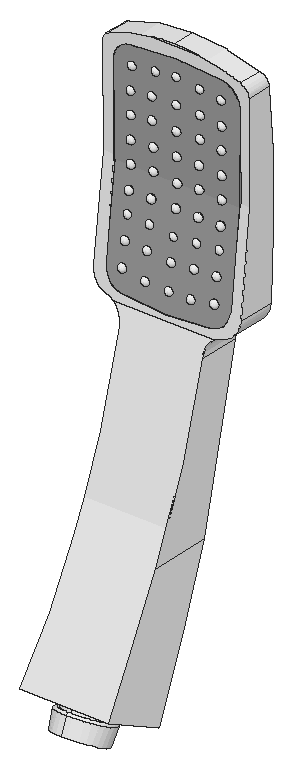
Revit family "434470001_Teleducha_Nogal", category Plumbing Fixtures, Revit 2020 (continued)
Definition of nested family "Frontal"
  Lines and regions (mm)
    detail lines, in view "Ref. Level"
      curve 106: circle (-17.573, 173.222, 0) r 1.121 normal (0, 0, 1)
      curve 107: line (-19.121, 165.814, 0) -> (-16.131, 165.814, 0)
      curve 108: line (-19.121, 162.504, 0) -> (-19.121, 165.814, 0)
      curve 109: line (-16.131, 162.504, 0) -> (-19.121, 162.504, 0)
      curve 110: line (-16.131, 165.814, 0) -> (-16.131, 162.504, 0)
      curve 111: circle (-17.573, 164.106, 0) r 1.121 normal (0, 0, 1)
      curve 112: line (-19.121, 156.797, 0) -> (-16.131, 156.797, 0)
      curve 113: line (-19.121, 153.487, 0) -> (-19.121, 156.797, 0)
      curve 114: line (-16.131, 153.487, 0) -> (-19.121, 153.487, 0)
      curve 115: line (-16.131, 156.797, 0) -> (-16.131, 153.487, 0)
      curve 116: circle (-17.573, 155.089, 0) r 1.121 normal (0, 0, 1)
      curve 117: line (-19.121, 147.885, 0) -> (-16.131, 147.885, 0)
      curve 118: line (-19.121, 144.575, 0) -> (-19.121, 147.885, 0)
      curve 119: line (-16.131, 144.575, 0) -> (-19.121, 144.575, 0)
      curve 120: line (-16.131, 147.885, 0) -> (-16.131, 144.575, 0)
      curve 121: circle (-17.573, 146.177, 0) r 1.121 normal (0, 0, 1)
      curve 122: line (19.183, 219.055, 0) -> (16.194, 219.055, 0)
      curve 123: line (19.183, 215.746, 0) -> (19.183, 219.055, 0)
      curve 124: line (16.194, 215.746, 0) -> (19.183, 215.746, 0)
      curve 125: line (16.194, 219.055, 0) -> (16.194, 215.746, 0)
      curve 126: circle (17.635, 217.347, 0) r 1.121 normal (0, 0, -1)
      curve 127: line (10.317, 220.169, 0) -> (7.328, 220.169, 0)
      curve 128: line (10.317, 216.86, 0) -> (10.317, 220.169, 0)
      curve 129: line (7.328, 216.86, 0) -> (10.317, 216.86, 0)
      curve 130: line (7.328, 220.169, 0) -> (7.328, 216.86, 0)
      curve 131: circle (8.769, 218.461, 0) r 1.121 normal (0, 0, -1)
      curve 132: line (10.317, 210.84, 0) -> (7.328, 210.84, 0)
      curve 133: line (10.317, 207.53, 0) -> (10.317, 210.84, 0)
      curve 134: line (7.328, 207.53, 0) -> (10.317, 207.53, 0)
      curve 135: line (7.328, 210.84, 0) -> (7.328, 207.53, 0)
      curve 136: circle (8.769, 209.132, 0) r 1.121 normal (0, 0, -1)
      curve 137: line (10.317, 201.928, 0) -> (7.328, 201.928, 0)
      curve 138: line (10.317, 198.618, 0) -> (10.317, 201.928, 0)
      curve 139: line (7.328, 198.618, 0) -> (10.317, 198.618, 0)
      curve 140: line (7.328, 201.928, 0) -> (7.328, 198.618, 0)
      curve 141: circle (8.769, 200.22, 0) r 1.121 normal (0, 0, -1)
      curve 142: line (10.317, 192.348, 0) -> (7.328, 192.348, 0)
      curve 143: line (10.317, 189.039, 0) -> (10.317, 192.348, 0)
      curve 144: line (7.328, 189.039, 0) -> (10.317, 189.039, 0)
      curve 145: line (7.328, 192.348, 0) -> (7.328, 189.039, 0)
      curve 146: circle (8.769, 190.64, 0) r 1.121 normal (0, 0, -1)
      curve 147: line (10.317, 183.019, 0) -> (7.328, 183.019, 0)
      curve 148: line (10.317, 179.709, 0) -> (10.317, 183.019, 0)
      curve 149: line (7.328, 179.709, 0) -> (10.317, 179.709, 0)
      curve 150: line (7.328, 183.019, 0) -> (7.328, 179.709, 0)
      curve 151: circle (8.769, 181.311, 0) r 1.121 normal (0, 0, -1)
      curve 152: line (10.317, 174.107, 0) -> (7.328, 174.107, 0)
      curve 153: line (10.317, 170.798, 0) -> (10.317, 174.107, 0)
      curve 154: line (7.328, 170.798, 0) -> (10.317, 170.798, 0)
      curve 155: line (7.328, 174.107, 0) -> (7.328, 170.798, 0)
      curve 156: circle (8.769, 172.399, 0) r 1.121 normal (0, 0, -1)
      curve 157: line (10.317, 164.99, 0) -> (7.328, 164.99, 0)
      curve 158: line (10.317, 161.681, 0) -> (10.317, 164.99, 0)
      curve 159: line (7.328, 161.681, 0) -> (10.317, 161.681, 0)
      curve 160: line (7.328, 164.99, 0) -> (7.328, 161.681, 0)
      curve 161: circle (8.769, 163.282, 0) r 1.121 normal (0, 0, -1)
      curve 162: line (10.317, 155.661, 0) -> (7.328, 155.661, 0)
      curve 163: line (10.317, 152.351, 0) -> (10.317, 155.661, 0)
      curve 164: line (7.328, 152.351, 0) -> (10.317, 152.351, 0)
      curve 165: line (7.328, 155.661, 0) -> (7.328, 152.351, 0)
      curve 166: circle (8.769, 153.953, 0) r 1.121 normal (0, 0, -1)
      curve 167: line (10.317, 146.749, 0) -> (7.328, 146.749, 0)
      curve 168: line (10.317, 143.439, 0) -> (10.317, 146.749, 0)
      curve 169: line (7.328, 143.439, 0) -> (10.317, 143.439, 0)
      curve 170: line (7.328, 146.749, 0) -> (7.328, 143.439, 0)
      curve 171: circle (8.769, 145.041, 0) r 1.121 normal (0, 0, -1)
      curve 172: line (19.121, 210.413, 0) -> (16.131, 210.413, 0)
      curve 173: line (19.121, 207.104, 0) -> (19.121, 210.413, 0)
      curve 174: line (16.131, 207.104, 0) -> (19.121, 207.104, 0)
      curve 175: line (16.131, 210.413, 0) -> (16.131, 207.104, 0)
      curve 176: circle (17.573, 208.705, 0) r 1.121 normal (0, 0, -1)
      curve 177: line (19.121, 201.501, 0) -> (16.131, 201.501, 0)
      curve 178: line (19.121, 198.192, 0) -> (19.121, 201.501, 0)
      curve 179: line (16.131, 198.192, 0) -> (19.121, 198.192, 0)
      curve 180: line (16.131, 201.501, 0) -> (16.131, 198.192, 0)
      curve 181: circle (17.573, 199.793, 0) r 1.121 normal (0, 0, -1)
      curve 182: line (19.121, 192.859, 0) -> (16.131, 192.859, 0)
      curve 183: line (19.121, 189.55, 0) -> (19.121, 192.859, 0)
      curve 184: line (16.131, 189.55, 0) -> (19.121, 189.55, 0)
      curve 185: line (16.131, 192.859, 0) -> (16.131, 189.55, 0)
      curve 186: circle (17.573, 191.151, 0) r 1.121 normal (0, 0, -1)
      curve 187: line (19.121, 183.842, 0) -> (16.131, 183.842, 0)
      curve 188: line (19.121, 180.533, 0) -> (19.121, 183.842, 0)
      curve 189: line (16.131, 180.533, 0) -> (19.121, 180.533, 0)
      curve 190: line (16.131, 183.842, 0) -> (16.131, 180.533, 0)
      curve 191: circle (17.573, 182.134, 0) r 1.121 normal (0, 0, -1)
      curve 192: line (19.121, 174.93, 0) -> (16.131, 174.93, 0)
      curve 193: line (19.121, 171.621, 0) -> (19.121, 174.93, 0)
      curve 194: line (16.131, 171.621, 0) -> (19.121, 171.621, 0)
      curve 195: line (16.131, 174.93, 0) -> (16.131, 171.621, 0)
      curve 196: circle (17.573, 173.222, 0) r 1.121 normal (0, 0, -1)
      curve 197: line (19.121, 165.814, 0) -> (16.131, 165.814, 0)
      curve 198: line (19.121, 162.504, 0) -> (19.121, 165.814, 0)
      curve 199: line (16.131, 162.504, 0) -> (19.121, 162.504, 0)
      curve 200: line (16.131, 165.814, 0) -> (16.131, 162.504, 0)
      curve 201: circle (17.573, 164.106, 0) r 1.121 normal (0, 0, -1)
      curve 202: line (19.121, 156.797, 0) -> (16.131, 156.797, 0)
      curve 203: line (19.121, 153.487, 0) -> (19.121, 156.797, 0)
      curve 204: line (16.131, 153.487, 0) -> (19.121, 153.487, 0)
      curve 205: line (16.131, 156.797, 0) -> (16.131, 153.487, 0)
      curve 206: circle (17.573, 155.089, 0) r 1.121 normal (0, 0, -1)
      curve 207: line (19.121, 147.885, 0) -> (16.131, 147.885, 0)
      curve 208: line (19.121, 144.575, 0) -> (19.121, 147.885, 0)
      curve 209: line (16.131, 144.575, 0) -> (19.121, 144.575, 0)
      curve 210: line (16.131, 147.885, 0) -> (16.131, 144.575, 0)
      curve 211: circle (17.573, 146.177, 0) r 1.121 normal (0, 0, -1)
      curve 212: line (-1.662, 221.09, 0) -> (1.327, 221.09, 0)
      curve 213: line (-1.662, 217.78, 0) -> (-1.662, 221.09, 0)
      curve 214: line (1.327, 217.78, 0) -> (-1.662, 217.78, 0)
      curve 215: line (1.327, 221.09, 0) -> (1.327, 217.78, 0)
      curve 216: circle (-0.114, 219.382, 0) r 1.121 normal (0, 0, 1)
      curve 217: line (-1.662, 211.882, 0) -> (1.327, 211.882, 0)
      curve 218: line (-1.662, 208.573, 0) -> (-1.662, 211.882, 0)
      curve 219: line (1.327, 208.573, 0) -> (-1.662, 208.573, 0)
      curve 220: line (1.327, 211.882, 0) -> (1.327, 208.573, 0)
      curve 221: circle (-0.114, 210.174, 0) r 1.121 normal (0, 0, 1)
      curve 222: line (-1.662, 202.49, 0) -> (1.327, 202.49, 0)
      curve 223: line (-1.662, 199.181, 0) -> (-1.662, 202.49, 0)
      curve 224: line (1.327, 199.181, 0) -> (-1.662, 199.181, 0)
      curve 225: line (1.327, 202.49, 0) -> (1.327, 199.181, 0)
      curve 226: circle (-0.114, 200.782, 0) r 1.121 normal (0, 0, 1)
      curve 227: line (-1.662, 192.859, 0) -> (1.327, 192.859, 0)
      curve 228: line (-1.662, 189.55, 0) -> (-1.662, 192.859, 0)
      curve 229: line (1.327, 189.55, 0) -> (-1.662, 189.55, 0)
      curve 230: line (1.327, 192.859, 0) -> (1.327, 189.55, 0)
      curve 231: circle (-0.114, 191.151, 0) r 1.121 normal (0, 0, 1)
      curve 232: line (-1.662, 183.842, 0) -> (1.327, 183.842, 0)
      curve 233: line (-1.662, 180.533, 0) -> (-1.662, 183.842, 0)
      curve 234: line (1.327, 180.533, 0) -> (-1.662, 180.533, 0)
      curve 235: line (1.327, 183.842, 0) -> (1.327, 180.533, 0)
      curve 236: circle (-0.114, 182.134, 0) r 1.121 normal (0, 0, 1)
      curve 237: line (-1.662, 174.107, 0) -> (1.327, 174.107, 0)
      curve 238: line (-1.662, 170.798, 0) -> (-1.662, 174.107, 0)
      curve 239: line (1.327, 170.798, 0) -> (-1.662, 170.798, 0)
      curve 240: line (1.327, 174.107, 0) -> (1.327, 170.798, 0)
      curve 241: circle (-0.114, 172.399, 0) r 1.121 normal (0, 0, 1)
      curve 242: line (-1.601, 164.961, 0) -> (1.388, 164.961, 0)
      curve 243: line (-1.601, 161.651, 0) -> (-1.601, 164.961, 0)
      curve 244: line (1.388, 161.651, 0) -> (-1.601, 161.651, 0)
      curve 245: line (1.388, 164.961, 0) -> (1.388, 161.651, 0)
      curve 246: circle (-0.053, 163.253, 0) r 1.121 normal (0, 0, 1)
      curve 247: line (-1.601, 155.201, 0) -> (1.388, 155.201, 0)
      curve 248: line (-1.601, 151.891, 0) -> (-1.601, 155.201, 0)
      curve 249: line (1.388, 151.891, 0) -> (-1.601, 151.891, 0)
      curve 250: line (1.388, 155.201, 0) -> (1.388, 151.891, 0)
      curve 251: circle (-0.053, 153.492, 0) r 1.121 normal (0, 0, 1)
      curve 252: line (-1.662, 146.177, 0) -> (1.327, 146.177, 0)
      curve 253: line (-1.662, 142.868, 0) -> (-1.662, 146.177, 0)
      curve 254: line (1.327, 142.868, 0) -> (-1.662, 142.868, 0)
      curve 255: line (1.327, 146.177, 0) -> (1.327, 142.868, 0)
      curve 256: circle (-0.114, 144.469, 0) r 1.121 normal (0, 0, 1)
Definition of nested family "Lateral"
  Reference planes
    plane 1 "Center (Front/Back)": y = 0
    plane 2: z = 0
    plane 3 "Center (Left/Right)": x = 0
    plane 4: x = -68
    plane 5: y = 231
  Lines and regions (mm)
    Filled region 1, type "Solid", in view "Ref. Level"
      outline origin (0, 0, 0) x (1, 0, 0) y (0, 1, 0)
        loop
          line (-5.498, 227.715) -> (-10.753, 226.789)
          arc (-10.753, 226.789) -> (-12.041, 225.971) -> (-12.377, 224.483) r 2
          arc (-12.377, 224.483) -> (-11.86, 221.294) -> (-11.397, 218.096) r 193.691
          spline (-11.397, 218.096) -> (-11.909, 217.942) -> (-12.364, 217.633) -> (-12.732, 217.189) -> (-12.989, 216.64) -> (-13.116, 216.023) -> (-13.106, 215.379) -> (-12.959, 214.751) -> (-12.685, 214.181) -> (-12.303, 213.708) -> (-11.837, 213.361) -> (-11.32, 213.166) -> (-10.785, 213.135)
          arc (-10.785, 213.135) -> (-10.582, 211.206) -> (-10.398, 209.275) r 193.691
          spline (-10.398, 209.275) -> (-10.892, 209.146) -> (-11.342, 208.847) -> (-11.716, 208.399) -> (-11.988, 207.834) -> (-12.137, 207.194) -> (-12.153, 206.524) -> (-12.035, 205.873) -> (-11.791, 205.286) -> (-11.439, 204.807) -> (-11.005, 204.47) -> (-10.518, 204.299) -> (-10.015, 204.306)
          arc (-10.015, 204.306) -> (-9.885, 202.083) -> (-9.781, 199.858) r 193.691
          spline (-9.781, 199.858) -> (-10.304, 199.757) -> (-10.786, 199.489) -> (-11.196, 199.074) -> (-11.504, 198.54) -> (-11.689, 197.922) -> (-11.74, 197.263) -> (-11.653, 196.608) -> (-11.433, 196.001) -> (-11.095, 195.485) -> (-10.663, 195.093) -> (-10.167, 194.853) -> (-9.639, 194.781)
          arc (-9.639, 194.781) -> (-9.619, 192.811) -> (-9.62, 190.842) r 193.691
          spline (-9.62, 190.842) -> (-10.151, 190.77) -> (-10.648, 190.542) -> (-11.078, 190.172) -> (-11.411, 189.687) -> (-11.626, 189.118) -> (-11.706, 188.506) -> (-11.648, 187.89) -> (-11.454, 187.315) -> (-11.137, 186.818) -> (-10.721, 186.433) -> (-10.232, 186.187) -> (-9.704, 186.097)
          arc (-9.704, 186.097) -> (-9.779, 183.983) -> (-9.877, 181.871) r 193.691
          spline (-9.877, 181.871) -> (-10.387, 181.821) -> (-10.873, 181.61) -> (-11.302, 181.252) -> (-11.644, 180.772) -> (-11.877, 180.202) -> (-11.984, 179.581) -> (-11.957, 178.951) -> (-11.8, 178.356) -> (-11.522, 177.836) -> (-11.143, 177.426) -> (-10.688, 177.155) -> (-10.188, 177.04)
          arc (-10.188, 177.04) -> (-10.322, 175.392) -> (-10.47, 173.745) r 193.691
          spline (-10.47, 173.745) -> (-11.071, 173.718) -> (-11.65, 173.511) -> (-12.169, 173.137) -> (-12.592, 172.623) -> (-12.889, 172.003) -> (-13.042, 171.319) -> (-13.039, 170.619) -> (-12.881, 169.95) -> (-12.578, 169.357) -> (-12.151, 168.881) -> (-11.629, 168.555) -> (-11.049, 168.4)
          arc (-11.049, 168.4) -> (-11.101, 167.977) -> (-11.154, 167.555) r 193.691
          arc (-11.154, 167.555) -> (-11.325, 166.225) -> (-11.501, 164.897) r 357.56
          spline (-11.501, 164.897) -> (-12.06, 164.894) -> (-12.604, 164.732) -> (-13.096, 164.421) -> (-13.501, 163.983) -> (-13.793, 163.448) -> (-13.95, 162.851) -> (-13.964, 162.235) -> (-13.832, 161.639) -> (-13.564, 161.106) -> (-13.177, 160.672) -> (-12.699, 160.366) -> (-12.162, 160.209)
          arc (-12.162, 160.209) -> (-12.513, 157.888) -> (-12.879, 155.569) r 357.56
          spline (-12.879, 155.569) -> (-13.401, 155.564) -> (-13.914, 155.393) -> (-14.384, 155.067) -> (-14.78, 154.609) -> (-15.075, 154.049) -> (-15.248, 153.425) -> (-15.289, 152.78) -> (-15.193, 152.156) -> (-14.969, 151.596) -> (-14.631, 151.137) -> (-14.201, 150.811) -> (-13.71, 150.639)
          arc (-13.71, 150.639) -> (-32.695, 82.737) -> (-64.636, 19.88) r 357.56
          arc (-64.636, 19.88) -> (-64.754, 19.062) -> (-64.217, 18.433) r 1.002
          line (-64.217, 18.433) -> (-62.43, 17.595) -> (-63.089, 16.19) -> (-64.676, 16.934) -> (-67.824, 10.221)
          arc (-67.824, 10.221) -> (-67.862, 9.464) -> (-67.357, 8.898) r 1
          line (-67.357, 8.898) -> (-50, 0.432)
          arc (-50, 0.432) -> (-49.243, 0.383) -> (-48.669, 0.879) r 1
          line (-48.669, 0.879) -> (-45.317, 7.493) -> (-46.881, 8.285) -> (-46.18, 9.669) -> (-44.292, 8.712)
          arc (-44.292, 8.712) -> (-43.527, 8.654) -> (-42.946, 9.154) r 1
          arc (-42.946, 9.154) -> (-12.28, 91.133) -> (0, 177.793) r 403.786
          arc (0, 177.793) -> (-0.406, 202.01) -> (-3.178, 226.071) r 247.492
          arc (-3.178, 226.071) -> (-3.995, 227.378) -> (-5.498, 227.715) r 2
    detail lines, in view "Ref. Level"
      curve 1: arc (-11.397, 218.096, 0) -> (-9.7, 197.571, 0) -> (-10.193, 176.981, 0) r 193.691
      curve 2: arc (-10.418, 173.798, 0) -> (-11.875, 162.192, 0) -> (-13.71, 150.639, 0) r 357.56
      curve 3: line (-15.343, 141.969, 0) -> (-2.752, 141.969, 0)
      curve 4: line (-62.43, 17.595, 0) -> (-46.18, 9.669, 0)
      curve 5: line (-46.881, 8.285, 0) -> (-63.089, 16.19, 0)
